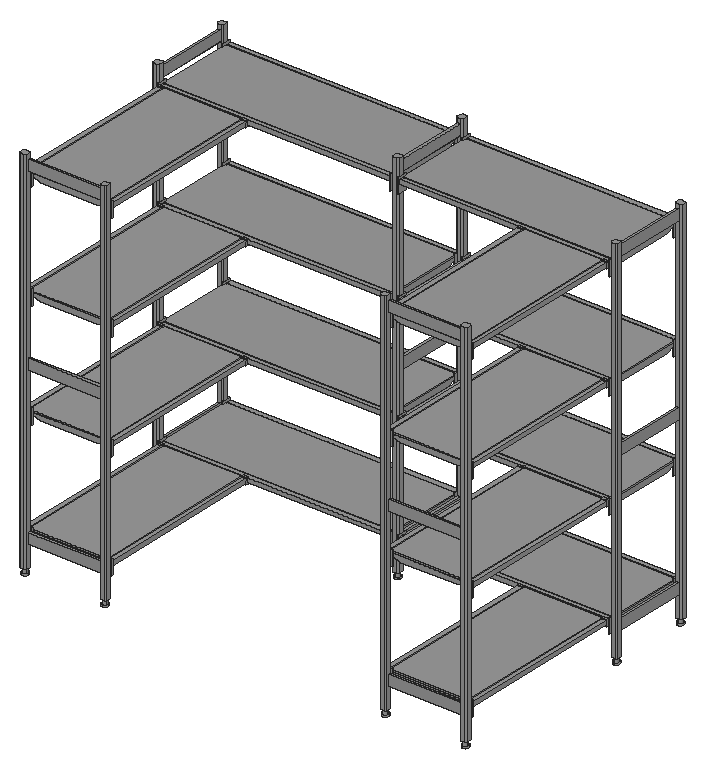
Revit family "QF_ELECTROLUXPROFESSIONAL_137095_CRS2012", category Attrezzature speciali, Revit 2020 (continued)
Definition of nested family "QF_708G"
  Automatic sketch dimensions
    curve 3 to plane 5 "Right" = 0 mm
    plane 7 to curve 1 = 0 mm
    plane 7 to curve 4 = 0 mm
    plane 7 to curve 5 = 0 mm
    plane 8 to curve 2 = 0 mm
    plane 8 to curve 1 = 0 mm
    plane 8 to curve 3 = 0 mm
    plane 21 "CYFront" to curve 5 = 1.5 mm
    plane 19 to curve 6 = 1.5 mm
    plane 7 to curve 3 = 4 mm
    plane 7 to curve 2 = 4 mm
    plane 12 to curve 4 = 4.493 mm
    curve 4 to plane 11 = 4.493 mm
    plane 5 "Right" to Extrusion 1 sketch curve = 0 mm  (x4)
    plane 4 "Left" to Extrusion 1 sketch curve = 0 mm  (x4)
    plane 21 "CYFront" to Extrusion 1 sketch curve = 1.5 mm  (x2)
    plane 19 to Extrusion 1 sketch curve = 1.5 mm  (x4)
    plane 14 to Extrusion 1 sketch curve = 7.998 mm  (x2)
    Extrusion 1 sketch curve to Extrusion 1 sketch curve = 17.997 mm  (x8)
    plane 15 to Extrusion 1 sketch curve = 7.998 mm  (x2)
    plane 16 to Extrusion 1 sketch curve = 7.998 mm  (x2)
    plane 17 to Extrusion 1 sketch curve = 7.998 mm  (x2)
    plane 21 "CYFront" to Extrusion 2 sketch curve = 3.5 mm  (x4)
    plane 19 to Extrusion 2 sketch curve = 3.493 mm  (x4)
    plane 14 to Extrusion 2 sketch curve = 19.496 mm
    Extrusion 2 sketch curve to Extrusion 2 sketch curve = 6.499 mm  (x4)
    plane 15 to Extrusion 2 sketch curve = 19.496 mm
    plane 16 to Extrusion 2 sketch curve = 19.496 mm
    plane 17 to Extrusion 2 sketch curve = 19.496 mm
  Nested families
    nested 1: "WT_Anta373B" at (-194.5, -132.5, 0) x (0, 1, 0) z (0, 0, 1), type "WT_Anta373B"
    nested 2: "WT_Aggancio373B" at (-194.5, 602.5, 0) x (0, 1, 0) z (0, 0, 1), type "WT_Aggancio373B"
  Definition of nested family "WT_Anta373B"
    Parameters
      WidthLeft = A + 64 mm  # 772 mm
      Width = 1606 mm
      Right = WidthLeft / 2  # 386 mm
      Default Elevation = 0 mm
      Left = -WidthLeft / 2  # -386 mm
      Height = 1590 mm
      FEET = 25 mm
      E = 0 mm
      Dint = Depth - 63 mm  # 310 mm
      Dext = Depth - 8 mm  # 365 mm
      Depth = 373 mm
      DX = (WidthLeft - A) / 2  # 32 mm
      B = 798 mm
      A = 708 mm
    Reference planes
      plane 1: z = 0
      plane 2 "LEFT": x = -417
      plane 3 "BACK": y = 23
      plane 4 "FRONT": y = -350
      plane 5 "TOP": z = 1590
      plane 6 "Center (Front/Back)": y = -163.5
      plane 7: y = -8.5
      plane 8: y = -318.5
      plane 9 "FEET": z = 25
      plane 10: z = 140
      plane 11: z = 590
      plane 12: z = 1040
      plane 13: z = 1490
      plane 14 "CXLeft": x = -403
      plane 15: y = 5.5
      plane 16 "CYBack": y = 5.5
      plane 17 "CYFront": y = -332.5
      plane 18: x = -385.031
      plane 19: x = -380.031
    Forms (mm)
      Extrusion 1, solid
        sketch origin (0, 0, 0) x (1, 0, 0) y (0, 1, 0)
          loop
            line (-417, 13.246) -> (-417, -2.246) -> (-410.746, -8.5) -> (-395.254, -8.5) -> (-389, -2.246) -> (-389, 13.246) -> (-395.254, 19.5) -> (-410.746, 19.5) -> (-417, 13.246)
        from 1590 to 25
      Extrusion 2, solid
        sketch origin (-417, 0, 0) x (0, 1, 0) y (0, 0, 1)
          loop
            line (23, 111.005) -> (23, 172.993) -> (-12.993, 172.993) -> (-12.993, 111.005) -> (23, 111.005)
          loop
            line (-350, 111.005) -> (-314.007, 111.005) -> (-314.007, 172.993) -> (-350, 172.993) -> (-350, 111.005)
          loop
            line (23, 561.005) -> (23, 622.993) -> (-12.993, 622.993) -> (-12.993, 561.005) -> (23, 561.005)
          loop
            line (-350, 561.005) -> (-314.007, 561.005) -> (-314.007, 622.993) -> (-350, 622.993) -> (-350, 561.005)
          loop
            line (23, 1011.005) -> (23, 1072.993) -> (-12.993, 1072.993) -> (-12.993, 1011.005) -> (23, 1011.005)
          loop
            line (-350, 1011.005) -> (-314.007, 1011.005) -> (-314.007, 1072.993) -> (-350, 1072.993) -> (-350, 1011.005)
          loop
            line (23, 1461.005) -> (23, 1522.993) -> (-12.993, 1522.993) -> (-12.993, 1461.005) -> (23, 1461.005)
          loop
            line (-350, 1461.005) -> (-314.007, 1461.005) -> (-314.007, 1522.993) -> (-350, 1522.993) -> (-350, 1461.005)
        from 28 to 32
      Revolve 3, solid
        sketch origin (-403, 0, 0) x (0, 1, 0) y (0, 0, 1)
          loop
            line (5.5, 25) -> (5.5, 0) -> (19, 0) -> (19, 5) -> (14, 5) -> (14, 25) -> (5.5, 25)
          axis (5.5, 25) -> (5.5, 0)
        angle from 0 to 360
      Extrusion 4, solid
        sketch origin (-403, 0, 0) x (0, 1, 0) y (0, 0, 1)
          loop
            line (-8.5, 777.382) -> (-8.5, 822.374) -> (-318.5, 822.374) -> (-318.5, 777.382) -> (-8.5, 777.382)
          loop
            line (-8.5, 1527.244) -> (-8.5, 1572.236) -> (-318.5, 1572.236) -> (-318.5, 1527.244) -> (-8.5, 1527.244)
        from -5 to 5
      Revolve 5, solid
        sketch origin (-403, -627, 0) x (0, -1, 0) y (0, 0, 1)
          loop
            line (-294.5, 25) -> (-294.5, 0) -> (-281, 0) -> (-281, 5) -> (-286, 5) -> (-286, 25) -> (-294.5, 25)
          axis (-294.5, 25) -> (-294.5, 0)
        angle from 0 to 360
      Extrusion 6, solid
        sketch origin (0, -627, 0) x (1, 0, 0) y (0, 1, 0)
          loop
            line (-417, 286.754) -> (-410.746, 280.5) -> (-395.254, 280.5) -> (-389, 286.754) -> (-389, 302.246) -> (-395.254, 308.5) -> (-410.746, 308.5) -> (-417, 302.246) -> (-417, 286.754)
        from 1590 to 25
      Extrusion 7, solid
        sketch origin (-417.031, -0.022, 0) x (0, 1, 0) y (0, 0, -1)
          loop
            line (-12, -1497.998) -> (-46, -1485.994) -> (-281, -1485.994) -> (-315, -1497.998) -> (-331, -1497.998) -> (-331, -1515.994) -> (-329, -1515.994) -> (-329, -1509.496) -> (2.007, -1509.496) -> (2.007, -1515.994) -> (4, -1515.994) -> (4, -1497.998) -> (-12, -1497.998)
          loop
            line (-12, -1047.998) -> (-46, -1035.994) -> (-281, -1035.994) -> (-315, -1047.998) -> (-331, -1047.998) -> (-331, -1065.994) -> (-329, -1065.994) -> (-329, -1059.496) -> (2.007, -1059.496) -> (2.007, -1065.994) -> (4, -1065.994) -> (4, -1047.998) -> (-12, -1047.998)
          loop
            line (-12, -597.998) -> (-46, -585.994) -> (-281, -585.994) -> (-315, -597.998) -> (-331, -597.998) -> (-331, -615.994) -> (-329, -615.994) -> (-329, -609.496) -> (2.007, -609.496) -> (2.007, -615.994) -> (4, -615.994) -> (4, -597.998) -> (-12, -597.998)
          loop
            line (-12, -147.998) -> (-46, -135.994) -> (-281, -135.994) -> (-315, -147.998) -> (-331, -147.998) -> (-331, -165.994) -> (-329, -165.994) -> (-329, -159.496) -> (2.007, -159.496) -> (2.007, -165.994) -> (4, -165.994) -> (4, -147.998) -> (-12, -147.998)
        from -32 to -37
      Extrusion 8, solid
        sketch origin (-403, 0, -659.878) x (0, 1, 0) y (0, 0, 1)
          loop
            line (-8.5, 777.382) -> (-8.5, 822.374) -> (-318.5, 822.374) -> (-318.5, 777.382) -> (-8.5, 777.382)
          loop
            line (-8.5, 1437.382) -> (-8.5, 1482.374) -> (-318.5, 1482.374) -> (-318.5, 1437.382) -> (-8.5, 1437.382)
          loop
            line (-8.5, 2187.382) -> (-8.5, 2232.374) -> (-318.5, 2232.374) -> (-318.5, 2187.382) -> (-8.5, 2187.382)
        from -5 to 5
    Lines and regions (mm)
      symbolic lines
        curve 1: line (-408, -8.5, 1590) -> (-408, -318.5, 1590)
        curve 2: line (-398, -318.5, 1590) -> (-398, -8.5, 1590)
        curve 3: line (-395.254, -8.5, 1590) -> (-410.746, -8.5, 1590)
        curve 4: line (-417, -2.246, 1590) -> (-410.746, -8.5, 1590)
        curve 5: line (-417, 13.246, 1590) -> (-417, -2.246, 1590)
        curve 6: line (-410.746, 19.5, 1590) -> (-417, 13.246, 1590)
        curve 7: line (-395.254, 19.5, 1590) -> (-410.746, 19.5, 1590)
        curve 8: line (-389, 13.246, 1590) -> (-395.254, 19.5, 1590)
        curve 9: line (-395.254, -8.5, 1590) -> (-389, -2.246, 1590)
        curve 10: line (-395.254, -318.5, 1590) -> (-410.746, -318.5, 1590)
        curve 11: line (-417, -324.754, 1590) -> (-410.746, -318.5, 1590)
        curve 12: line (-410.746, -346.5, 1590) -> (-417, -340.246, 1590)
        curve 13: line (-395.254, -346.5, 1590) -> (-410.746, -346.5, 1590)
        curve 14: line (-389, -340.246, 1590) -> (-395.254, -346.5, 1590)
        curve 15: line (-395.254, -318.5, 1590) -> (-389, -324.754, 1590)
        curve 16: line (-389, -350, 1590) -> (-389, -314.007, 1590)
        curve 17: line (-389, -314.007, 1590) -> (-385, -314.007, 1590)
        curve 18: line (-389, 23, 1590) -> (-389, -12.993, 1590)
        curve 19: line (-389, -12.993, 1590) -> (-385, -12.993, 1590)
        curve 20: line (-417, -324.754, 1590) -> (-417, -340.246, 1590)
        curve 21: line (-385, -350, 1590) -> (-385, -314.007, 1590)
        curve 22: line (-385, -350, 1590) -> (-389, -350, 1590)
        curve 23: line (-385, 23, 1590) -> (-389, 23, 1590)
        curve 24: line (-385, -12.993, 1590) -> (-385, 23, 1590)
        curve 25: line (-385.031, -13.016, 1725) -> (-385.031, -314.029, 1725)
    Dimensions and locks
      "Depth": plane 3 "BACK" to plane 4 "FRONT"
      "Dint": plane 7 to plane 8
      equal spacing: plane 7, plane 6 "Center (Front/Back)", plane 8
      equal spacing: plane 3 "BACK", plane 6 "Center (Front/Back)", plane 4 "FRONT"
      plane 9 "FEET" to level = 25 mm
      plane 10 to plane 9 "FEET" = 115 mm
      plane 11 to plane 10 = 450 mm
      plane 12 to plane 11 = 450 mm
      plane 13 to plane 12 = 450 mm
      locked: plane 2 "LEFT" to plane 14 "CXLeft" at 14
      locked: plane 3 "BACK" to plane 16 "CYBack" at 17.5
      locked: plane 17 "CYFront" to plane 4 "FRONT" at 17.5
      locked: Revolve 3 sketch curve to Revolve 3 sketch curve at 8.5
      locked: Revolve 3 sketch curve to plane 16 "CYBack" at 13.5
      locked: Revolve 5 sketch curve to Revolve 5 sketch curve at 8.5
      plane 10 to level = 140 mm
      plane 11 to level = 590 mm
      plane 12 to level = 1040 mm
      plane 13 to level = 1490 mm
      "Height": plane 5 "TOP" to level
      aligned and locked: level to plane 1
      aligned and locked: curve 20 to Extrusion 6
      aligned and locked: plane 5 "TOP" to Extrusion 1
      aligned and locked: plane 5 "TOP" to Extrusion 6
      aligned and locked: Extrusion 7 sketch curve to Extrusion 7 sketch curve  (x3)
    Automatic sketch dimensions
      curve 16 to plane 4 "FRONT" = 0 mm
      curve 11 to plane 8 = 0 mm
      curve 9 to plane 7 = 0 mm
      curve 5 to plane 2 "LEFT" = 0 mm
      curve 23 to plane 3 "BACK" = 0 mm
      plane 4 "FRONT" to curve 13 = 3.5 mm
      curve 20 to plane 17 "CYFront" = 7.746 mm
      curve 20 to plane 8 = 6.254 mm
      plane 8 to curve 16 = 4.493 mm
      curve 24 to plane 18 = 0.031 mm
      curve 24 to plane 7 = 4.493 mm
      plane 7 to curve 5 = 6.254 mm
      curve 5 to plane 15 = 7.746 mm
      curve 6 to plane 3 "BACK" = 3.5 mm
      curve 21 to plane 18 = 0.031 mm
      plane 18 to curve 23 = 3.969 mm
      plane 18 to curve 16 = 3.969 mm
      curve 18 to curve 8 = 6.254 mm
      curve 18 to curve 3 = 6.254 mm
      curve 16 to curve 13 = 6.254 mm
      curve 16 to curve 15 = 6.254 mm
      plane 2 "LEFT" to curve 10 = 6.254 mm
      plane 2 "LEFT" to curve 7 = 6.254 mm
      plane 2 "LEFT" to curve 12 = 6.254 mm
      plane 2 "LEFT" to curve 3 = 6.254 mm
      curve 14 to plane 17 "CYFront" = 7.746 mm
      curve 15 to plane 8 = 6.254 mm
      plane 7 to curve 9 = 6.254 mm
      curve 8 to plane 15 = 7.746 mm
      curve 3 to curve 2 = 2.746 mm
      curve 1 to curve 10 = 2.746 mm
      Extrusion 1 sketch curve to plane 2 "LEFT" = 0 mm
      Extrusion 1 sketch curve to plane 7 = 0 mm
      plane 2 "LEFT" to Extrusion 1 sketch curve = 6.254 mm  (x2)
      plane 14 "CXLeft" to Extrusion 1 sketch curve = 7.746 mm  (x2)
      Extrusion 1 sketch curve to plane 3 "BACK" = 3.5 mm
      plane 18 to Extrusion 1 sketch curve = 3.969 mm
      plane 7 to Extrusion 1 sketch curve = 6.254 mm  (x2)
      Extrusion 1 sketch curve to plane 15 = 7.746 mm  (x2)
      Extrusion 2 sketch curve to plane 4 "FRONT" = 0 mm  (x4)
      Extrusion 2 sketch curve to plane 3 "BACK" = 0 mm  (x4)
      plane 8 to Extrusion 2 sketch curve = 4.493 mm  (x4)
      Extrusion 2 sketch curve to plane 7 = 4.493 mm  (x4)
      Extrusion 2 sketch curve to plane 10 = 28.995 mm  (x2)
      plane 10 to Extrusion 2 sketch curve = 32.993 mm  (x2)
      Extrusion 2 sketch curve to plane 11 = 28.995 mm  (x2)
      plane 11 to Extrusion 2 sketch curve = 32.993 mm  (x2)
      Extrusion 2 sketch curve to plane 12 = 28.995 mm  (x2)
      plane 12 to Extrusion 2 sketch curve = 32.993 mm  (x2)
      Extrusion 2 sketch curve to plane 13 = 28.995 mm  (x2)
      plane 13 to Extrusion 2 sketch curve = 32.993 mm  (x2)
      Revolve 3 sketch curve to plane 9 "FEET" = 0 mm  (x2)
      Revolve 3 sketch curve to plane 15 = 0 mm  (x2)
      Revolve 3 sketch curve to level = 0 mm
      level to Revolve 3 sketch curve = 5 mm
      Revolve 3 sketch curve to Revolve 3 sketch curve = 11.655 mm
      Extrusion 4 sketch curve to plane 8 = 0 mm  (x2)
      Extrusion 4 sketch curve to plane 7 = 0 mm  (x2)
      plane 11 to Extrusion 4 sketch curve = 187.382 mm
      Extrusion 4 sketch curve to Extrusion 4 sketch curve = 44.992 mm
      plane 13 to Extrusion 4 sketch curve = 37.244 mm
      Extrusion 4 sketch curve to plane 5 "TOP" = 17.764 mm
      Revolve 5 sketch curve to plane 9 "FEET" = 0 mm  (x2)
      Revolve 5 sketch curve to plane 17 "CYFront" = 0 mm  (x2)
      Revolve 5 sketch curve to level = 0 mm
      Revolve 5 sketch curve to plane 4 "FRONT" = 4 mm
      Revolve 5 sketch curve to Revolve 5 sketch curve = 5 mm
      level to Revolve 5 sketch curve = 11.655 mm
      Extrusion 6 sketch curve to plane 2 "LEFT" = 0 mm
      Extrusion 6 sketch curve to plane 8 = 0 mm
      Extrusion 6 sketch curve to plane 2 "LEFT" = 6.254 mm  (x2)
      Extrusion 6 sketch curve to plane 14 "CXLeft" = 7.746 mm  (x2)
      Extrusion 6 sketch curve to plane 4 "FRONT" = 3.5 mm
      Extrusion 6 sketch curve to plane 18 = 3.969 mm
      plane 8 to Extrusion 6 sketch curve = 6.254 mm  (x2)
      plane 17 "CYFront" to Extrusion 6 sketch curve = 7.746 mm  (x2)
      plane 17 "CYFront" to Extrusion 7 sketch curve = 1.478 mm  (x4)
      Extrusion 7 sketch curve to Extrusion 7 sketch curve = 2 mm
      plane 8 to Extrusion 7 sketch curve = 3.478 mm  (x4)
      Extrusion 7 sketch curve to plane 10 = 4.006 mm
      Extrusion 7 sketch curve to Extrusion 7 sketch curve = 34 mm  (x4)
      Extrusion 7 sketch curve to plane 11 = 4.006 mm
      Extrusion 7 sketch curve to plane 12 = 4.006 mm
      Extrusion 7 sketch curve to plane 13 = 4.006 mm
      Extrusion 7 sketch curve to plane 7 = 37.522 mm  (x4)
      Extrusion 7 sketch curve to plane 7 = 3.522 mm  (x4)
      plane 15 to Extrusion 7 sketch curve = 3.516 mm  (x4)
      plane 15 to Extrusion 7 sketch curve = 1.522 mm  (x4)
      plane 13 to Extrusion 7 sketch curve = 7.998 mm  (x2)
      Extrusion 7 sketch curve to Extrusion 7 sketch curve = 11.498 mm
      Extrusion 7 sketch curve to Extrusion 7 sketch curve = 6.499 mm  (x5)
      plane 12 to Extrusion 7 sketch curve = 25.994 mm  (x2)
      plane 12 to Extrusion 7 sketch curve = 7.998 mm  (x2)
      plane 11 to Extrusion 7 sketch curve = 25.994 mm  (x2)
      plane 11 to Extrusion 7 sketch curve = 7.998 mm  (x2)
      plane 10 to Extrusion 7 sketch curve = 25.994 mm  (x2)
      plane 10 to Extrusion 7 sketch curve = 7.998 mm  (x2)
      curve 25 to plane 18 = 0 mm
      plane 8 to curve 25 = 4.471 mm
      curve 25 to plane 7 = 4.516 mm
      Extrusion 8 sketch curve to plane 8 = 0 mm  (x3)
      Extrusion 8 sketch curve to plane 7 = 0 mm  (x3)
      Extrusion 8 sketch curve to plane 10 = 22.496 mm
      plane 10 to Extrusion 8 sketch curve = 22.496 mm
      plane 11 to Extrusion 8 sketch curve = 187.504 mm
      Extrusion 8 sketch curve to Extrusion 8 sketch curve = 44.992 mm
      plane 13 to Extrusion 8 sketch curve = 37.504 mm
      Extrusion 8 sketch curve to plane 5 "TOP" = 17.504 mm
  Definition of nested family "WT_Aggancio373B"
    Parameters
      WidthLeft = A + 64 mm  # 772 mm
      Width = 1606 mm
      Right = WidthLeft / 2  # 386 mm
      Default Elevation = 0 mm
      Left = -WidthLeft / 2  # -386 mm
      Height = 1590 mm
      FEET = 25 mm
      E = 0 mm
      Dint = Depth - 63 mm  # 310 mm
      Dext = Depth - 8 mm  # 365 mm
      Depth = 373 mm
      DX = (WidthLeft - A) / 2  # 32 mm
      B = 798 mm
      A = 708 mm
    Reference planes
      plane 1: z = 0
      plane 2 "LEFT": x = -417
      plane 3 "BACK": y = 23
      plane 4 "FRONT": y = -350
      plane 5 "TOP": z = 1590
      plane 6 "Center (Front/Back)": y = -163.5
      plane 7: y = -8.5
      plane 8: y = -318.5
      plane 9 "FEET": z = 25
      plane 10: z = 140
      plane 11: z = 590
      plane 12: z = 1040
      plane 13: z = 1490
      plane 14: y = 5.5
      plane 15 "CYBack": y = 5.5
      plane 16 "CYFront": y = -332.5
    Forms (mm)
      Extrusion 1, solid
        sketch origin (-380, -0.022, 0) x (0, 1, 0) y (0, 0, 1)
          loop
            line (-12, 1497.998) -> (4, 1497.998) -> (4, 1515.994) -> (2.007, 1515.994) -> (2.007, 1509.496) -> (-329, 1509.496) -> (-329, 1515.994) -> (-331, 1515.994) -> (-331, 1497.998) -> (-315, 1497.998) -> (-281, 1485.994) -> (-46, 1485.994) -> (-12, 1497.998)
          loop
            line (-12, 1047.998) -> (4, 1047.998) -> (4, 1065.994) -> (2.007, 1065.994) -> (2.007, 1059.496) -> (-329, 1059.496) -> (-329, 1065.994) -> (-331, 1065.994) -> (-331, 1047.998) -> (-315, 1047.998) -> (-281, 1035.994) -> (-46, 1035.994) -> (-12, 1047.998)
          loop
            line (-12, 597.998) -> (4, 597.998) -> (4, 615.994) -> (2.007, 615.994) -> (2.007, 609.496) -> (-329, 609.496) -> (-329, 615.994) -> (-331, 615.994) -> (-331, 597.998) -> (-315, 597.998) -> (-281, 585.994) -> (-46, 585.994) -> (-12, 597.998)
          loop
            line (-12, 147.998) -> (4, 147.998) -> (4, 165.994) -> (2.007, 165.994) -> (2.007, 159.496) -> (-329, 159.496) -> (-329, 165.994) -> (-331, 165.994) -> (-331, 147.998) -> (-315, 147.998) -> (-281, 135.994) -> (-46, 135.994) -> (-12, 147.998)
        from -32 to -37
      Extrusion 2, solid
        sketch origin (-793.062, -324.754, 6.5) x (1, 0, 0) y (0, 0, 1)
          loop
            line (385.062, 1509.496) -> (385.062, 1512.496) -> (376.062, 1512.496) -> (376.062, 1485.994) -> (390.031, 1485.994) -> (390.031, 1491.496) -> (381.062, 1491.496) -> (381.062, 1509.496) -> (385.062, 1509.496)
          loop
            line (385.062, 1059.496) -> (385.062, 1062.496) -> (376.062, 1062.496) -> (376.062, 1035.994) -> (390.031, 1035.994) -> (390.031, 1041.496) -> (381.062, 1041.496) -> (381.062, 1059.496) -> (385.062, 1059.496)
          loop
            line (385.062, 609.496) -> (385.062, 612.496) -> (376.062, 612.496) -> (376.062, 585.994) -> (390.031, 585.994) -> (390.031, 591.496) -> (381.062, 591.496) -> (381.062, 609.496) -> (385.062, 609.496)
          loop
            line (385.062, 159.496) -> (385.062, 162.496) -> (376.062, 162.496) -> (376.062, 135.994) -> (390.031, 135.994) -> (390.031, 141.496) -> (381.062, 141.496) -> (381.062, 159.496) -> (385.062, 159.496)
        from 6.268 to 25.246
      Extrusion 3, solid
        sketch origin (-793.062, 32.754, 6.5) x (1, 0, 0) y (0, 0, 1)
          loop
            line (385.062, 1509.496) -> (385.062, 1512.496) -> (376.062, 1512.496) -> (376.062, 1485.994) -> (390.031, 1485.994) -> (390.031, 1491.496) -> (381.062, 1491.496) -> (381.062, 1509.496) -> (385.062, 1509.496)
          loop
            line (385.062, 1059.496) -> (385.062, 1062.496) -> (376.062, 1062.496) -> (376.062, 1035.994) -> (390.031, 1035.994) -> (390.031, 1041.496) -> (381.062, 1041.496) -> (381.062, 1059.496) -> (385.062, 1059.496)
          loop
            line (385.062, 609.496) -> (385.062, 612.496) -> (376.062, 612.496) -> (376.062, 585.994) -> (390.031, 585.994) -> (390.031, 591.496) -> (381.062, 591.496) -> (381.062, 609.496) -> (385.062, 609.496)
          loop
            line (385.062, 159.496) -> (385.062, 162.496) -> (376.062, 162.496) -> (376.062, 135.994) -> (390.031, 135.994) -> (390.031, 141.496) -> (381.062, 141.496) -> (381.062, 159.496) -> (385.062, 159.496)
        from 9.754 to 28.776
    Lines and regions (mm)
      symbolic lines
        curve 1: line (-412, -350, 0) -> (-408, -350, 0)
        curve 2: line (-412, -331.022, 0) -> (-412, -350, 0)
        curve 3: line (-408, -331.022, 0) -> (-412, -331.022, 0)
        curve 4: line (-408, -350, 0) -> (-408, -331.022, 0)
        curve 5: line (-412, 3.978, 0) -> (-408, 3.978, 0)
        curve 6: line (-412, 23, 0) -> (-412, 3.978, 0)
        curve 7: line (-408, 23, 0) -> (-412, 23, 0)
        curve 8: line (-408, 3.978, 0) -> (-408, 23, 0)
    Dimensions and locks
      "Height": plane 5 "TOP" to level
      "Depth": plane 3 "BACK" to plane 4 "FRONT"
      "Dint": plane 7 to plane 8
      equal spacing: plane 7, plane 6 "Center (Front/Back)", plane 8
      equal spacing: plane 3 "BACK", plane 6 "Center (Front/Back)", plane 4 "FRONT"
      plane 9 "FEET" to level = 25 mm
      plane 10 to plane 9 "FEET" = 115 mm
      locked: plane 11 to plane 10 at 450
      locked: plane 12 to plane 11 at 450
      locked: plane 13 to plane 12 at 450
      locked: plane 3 "BACK" to plane 15 "CYBack" at 17.5
      locked: plane 16 "CYFront" to plane 4 "FRONT" at 17.5
      aligned and locked: level to plane 1
      aligned and locked: Extrusion 1 sketch curve to Extrusion 1 sketch curve  (x3)
    Automatic sketch dimensions
      plane 16 "CYFront" to Extrusion 1 sketch curve = 1.478 mm  (x4)
      Extrusion 1 sketch curve to Extrusion 1 sketch curve = 2 mm
      plane 8 to Extrusion 1 sketch curve = 3.478 mm  (x4)
      Extrusion 1 sketch curve to plane 10 = 4.006 mm
      Extrusion 1 sketch curve to Extrusion 1 sketch curve = 34 mm  (x4)
      Extrusion 1 sketch curve to plane 11 = 4.006 mm
      Extrusion 1 sketch curve to plane 12 = 4.006 mm
      Extrusion 1 sketch curve to plane 13 = 4.006 mm
      Extrusion 1 sketch curve to plane 7 = 37.522 mm  (x4)
      Extrusion 1 sketch curve to plane 7 = 3.522 mm  (x4)
      plane 14 to Extrusion 1 sketch curve = 3.516 mm  (x4)
      plane 14 to Extrusion 1 sketch curve = 1.522 mm  (x4)
      plane 10 to Extrusion 1 sketch curve = 7.998 mm  (x2)
      Extrusion 1 sketch curve to Extrusion 1 sketch curve = 11.498 mm  (x4)
      Extrusion 1 sketch curve to Extrusion 1 sketch curve = 6.499 mm  (x8)
      plane 11 to Extrusion 1 sketch curve = 7.998 mm  (x2)
      plane 12 to Extrusion 1 sketch curve = 7.998 mm  (x2)
      plane 13 to Extrusion 1 sketch curve = 7.998 mm  (x2)
      plane 2 "LEFT" to Extrusion 2 sketch curve = 0 mm  (x4)
      plane 13 to Extrusion 2 sketch curve = 7.996 mm
      plane 11 to Extrusion 2 sketch curve = 7.996 mm
      Extrusion 2 sketch curve to Extrusion 2 sketch curve = 5 mm  (x4)
      plane 11 to Extrusion 2 sketch curve = 2.494 mm
      plane 10 to Extrusion 2 sketch curve = 28.996 mm
      Extrusion 2 sketch curve to Extrusion 2 sketch curve = 3 mm  (x4)
      plane 10 to Extrusion 2 sketch curve = 7.996 mm
      plane 10 to Extrusion 2 sketch curve = 2.494 mm
      Extrusion 2 sketch curve to Extrusion 2 sketch curve = 18 mm  (x3)
      plane 12 to Extrusion 2 sketch curve = 2.494 mm
      plane 12 to Extrusion 2 sketch curve = 7.996 mm
      plane 13 to Extrusion 2 sketch curve = 2.494 mm
      plane 2 "LEFT" to Extrusion 3 sketch curve = 0 mm  (x4)
      plane 13 to Extrusion 3 sketch curve = 7.996 mm
      plane 11 to Extrusion 3 sketch curve = 7.996 mm
      Extrusion 3 sketch curve to Extrusion 3 sketch curve = 5 mm  (x4)
      plane 11 to Extrusion 3 sketch curve = 2.494 mm
      plane 10 to Extrusion 3 sketch curve = 28.996 mm
      Extrusion 3 sketch curve to Extrusion 3 sketch curve = 3 mm  (x4)
      plane 10 to Extrusion 3 sketch curve = 7.996 mm
      plane 10 to Extrusion 3 sketch curve = 2.494 mm
      Extrusion 3 sketch curve to Extrusion 3 sketch curve = 18 mm  (x3)
      plane 12 to Extrusion 3 sketch curve = 2.494 mm
      plane 12 to Extrusion 3 sketch curve = 7.996 mm
      plane 13 to Extrusion 3 sketch curve = 2.494 mm
      plane 2 "LEFT" to curve 1 = 5 mm
      plane 2 "LEFT" to curve 7 = 5 mm
      curve 1 to plane 16 "CYFront" = 17.5 mm
      curve 3 to plane 8 = 12.522 mm
      plane 7 to curve 5 = 12.478 mm
      curve 7 to plane 14 = 17.5 mm
      curve 5 to curve 5 = 4 mm
      curve 1 to curve 4 = 4 mm
      Extrusion 2 sketch curve to Extrusion 2 sketch curve = 4 mm  (x4)
      Extrusion 2 sketch curve to Extrusion 2 sketch curve = 8.969 mm  (x4)
      Extrusion 3 sketch curve to Extrusion 3 sketch curve = 4 mm  (x4)
      Extrusion 3 sketch curve to Extrusion 3 sketch curve = 8.969 mm  (x4)
